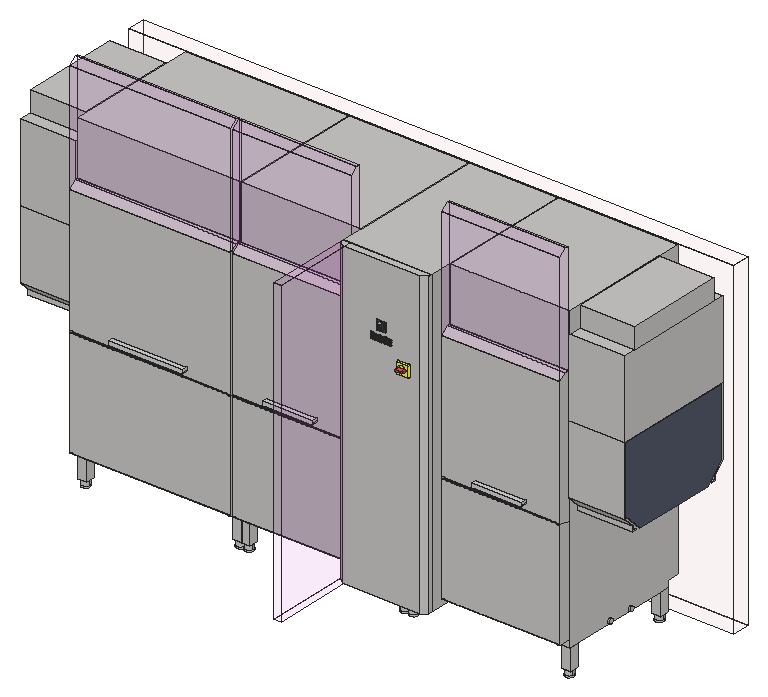
Revit family "QF_ELECTROLUXPROFESSIONAL_535143_EMRA060L", category Attrezzature speciali, Revit 2020
Family settings
  Quota connettore circolare = Usa diametro
  Tipo di parte = Normale
  Basato su piano di lavoro = No
  Sempre verticale = Sì
  Taglio con vuoti quando caricato = No
  Condiviso = No
  Punto di calcolo locali = No
Parameters (values of type "Standard")
  Weight = 569.00 kg
  Watts = 59800 W
  Volts = 380 V
  URL Manufacturer = "https://www.electroluxprofessional.com/"
  URL = "https://www.electroluxprofessional.com/"
  Steam Supply Size = 0 mm
  Steam Supply Minimum Pressure = 0.0 Pa
  Steam Supply Maximum Pressure = 0.0 Pa
  Steam Consumption per Hour = 0
  Show Logo [instance] = yes
  Show Clearance [instance] = yes
  Refrigeration Suction Line Size = 0 mm
  Refrigeration Liquid Line Size = 0 mm
  Refrigerant Compressor Remote = yes
  Prospetto di default = 0 mm
  Produttore = "Electrolux Professional"
  Phase = 3
  Modello = "EMRA060L"
  Length Actual = 3270 mm  # constant formula
  Item Number = "535143"
  Hot Water Size = 19.05 mm
  Height Actual = 1785 mm  # constant formula
  HP = "80.2 HP"
  Gas Size = 0 mm
  Gas KW = 0
  Gas Input Pressure = 0 W
  Direct Waste Size = 50 mm
  Descrizione = "MULTI RINSE RACK TYPE, DIN, A0 60, L>R"
  Depth Actual = 895 mm  # constant formula
  Cycle = 50 Hz
  Condensate Return Size = 0 mm
  Compressed Air Volume = 0.0 L/s
  Compressed Air Size = 0 mm
  Compressed Air Pressure = 0.0 Pa
  Cold Water Size = 19.05 mm
  Accessory = yes
Reference planes
  plane 1 "Center (Front/Back)": y = 50
  plane 2: z = 0
  plane 3 "LEFT": x = -776
  plane 4 "RIGHT": x = 2494
  plane 5 "BACK": y = 450
  plane 6: z = 2095
  plane 7: z = 1785
  plane 8: y = -220
  plane 9: x = 859
  plane 10: y = -277.999
  plane 11: through (1209, 430.532, 4000) normal (0.7071, 0.7071, 0)
  plane 12: through (1229, 430.532, 4000) normal (0.7071, -0.7071, 0)
  plane 13: through (1399, 430.532, 4000) normal (0.7071, -0.7071, 0)
  plane 14: through (1379, 430.532, 4000) normal (0.7071, 0.7071, 0)
  plane 15: through (1294, -302, 4000) normal (0.7071, 0.7071, 0)
  plane 16: through (1314, -302, 4000) normal (0.7071, -0.7071, 0)
  plane 17: through (0, 318, 353) normal (0, 0.7071, -0.7071)
  plane 18: through (0, 318, 373) normal (0, -0.7071, -0.7071)
  plane 19: x = 859
Forms (mm)
  Extrusion 1, solid, material "QF_Finishes_Clearance", visible <- "Show Clearance"
    sketch origin (0, 0, 0) x (1, 0, 0) y (0, 1, 0)
      loop
        line (-776, 450) -> (2494, 450) -> (2494, 550) -> (-776, 550) -> (-776, 450)
    from 0 to 1785
  Extrusion 2, solid, material "QF_Finishes_Stainless Steel"
    sketch origin (801.404, 247.509, 148) x (0, -1, 0) y (1, 0, 0)
      loop
        line (-163.023, 407.596) -> (-163.023, 427.596) -> (-183.023, 427.596) -> (-183.023, 407.596) -> (-163.023, 407.596)
    from 0 to 2
  Extrusion 3, solid, material "QF_Finishes_Stainless Steel"
    sketch origin (1806.596, 247.509, 148) x (0, 1, 0) y (-1, 0, 0)
      loop
        line (163.023, 407.596) -> (183.023, 407.596) -> (183.023, 427.596) -> (163.023, 427.596) -> (163.023, 407.596)
    from 0 to 2
  Extrusion 4, solid, material "QF_Finishes_Stainless Steel"
    sketch origin (886.404, -485.023, 148) x (0, -1, 0) y (1, 0, 0)
      loop
        line (-163.023, 407.596) -> (-163.023, 427.596) -> (-183.023, 427.596) -> (-183.023, 407.596) -> (-163.023, 407.596)
    from 0 to 2
  Extrusion 5, solid, material "QF_Finishes_Stainless Steel"
    sketch origin (-478, 249.977, 990.404) x (0, 0, 1) y (0, -1, 0)
      loop
        line (407.596, -163.023) -> (407.596, -183.023) -> (427.596, -183.023) -> (427.596, -163.023) -> (407.596, -163.023)
    from 0 to 2
  Extrusion 6, solid, material "QF_Finishes_Stainless Steel"
    sketch origin (-478, 249.977, 940.404) x (0, 0, 1) y (0, -1, 0)
      loop
        line (407.596, -163.023) -> (407.596, -183.023) -> (427.596, -183.023) -> (427.596, -163.023) -> (407.596, -163.023)
    from 0 to 2
  Extrusion 7, solid, material "QF_Finishes_Stainless Steel"
    sketch origin (2186, 249.977, 990.404) x (0, 0, 1) y (0, 1, 0)
      loop
        line (407.596, 163.023) -> (427.596, 163.023) -> (427.596, 183.023) -> (407.596, 183.023) -> (407.596, 163.023)
    from 0 to 2
  Extrusion 8, solid, material "QF_Finishes_Stainless Steel"
    sketch origin (2186, 249.977, 940.404) x (0, 0, 1) y (0, 1, 0)
      loop
        line (407.596, 163.023) -> (427.596, 163.023) -> (427.596, 183.023) -> (407.596, 183.023) -> (407.596, 163.023)
    from 0 to 2
  Extrusion 9, solid, material "QF_Finishes_Stainless Steel"
    sketch origin (2191, 154.977, -54.596) x (0, 0, 1) y (0, 1, 0)
      loop
        line (407.596, 163.023) -> (427.596, 163.023) -> (427.596, 183.023) -> (407.596, 183.023) -> (407.596, 163.023)
    from 0 to 2
  Extrusion 10, solid, material "QF_Finishes_Stainless Steel"
    sketch origin (-478, 154.977, -54.596) x (0, 0, 1) y (0, -1, 0)
      loop
        line (407.596, -163.023) -> (407.596, -183.023) -> (427.596, -183.023) -> (427.596, -163.023) -> (407.596, -163.023)
    from 0 to 2
  Extrusion 11, solid, material "QF_Finishes_Stainless Steel"
    sketch origin (2199.617, 892.464, 1271.423) x (0, 0, -1) y (0, -1, 0)
      loop
        circle (1102.159, 772.464) r 10
    from -9.383 to 5.617
  Extrusion 12, solid, material "QF_Finishes_Stainless Steel"
    sketch origin (2199.617, 752.464, 1271.423) x (0, 0, -1) y (0, -1, 0)
      loop
        circle (1102.159, 772.464) r 10
    from -9.383 to 5.617
  Extrusion 13, solid, material "QF_Finishes_Stainless Steel"
    sketch origin (-476.617, 752.464, 1289.423) x (0, 0, -1) y (0, 1, 0)
      loop
        circle (1102.159, -772.464) r 25
    from -9.383 to 5.617
  Extrusion 14, solid, material "QF_Finishes_Stainless Steel"
    sketch origin (2317.023, 452, -177.096) x (0, 0, 1) y (-1, 0, 0)
      loop
        line (407.596, 163.023) -> (427.596, 163.023) -> (427.596, 183.023) -> (407.596, 183.023) -> (407.596, 163.023)
    from 0 to 2
  Extrusion 15, solid, material "QF_Finishes_Door Clearance", visible <- "Show Clearance"
    sketch origin (1869, 66.742, 602) x (0, 1, 0) y (0, 0, 1)
      loop
        line (-351.742, 1493) -> (-368.817, 1493) -> (-408.742, 1463.413) -> (-408.742, 861.413) -> (-368.817, 891) -> (-351.742, 891) -> (-351.742, 1493)
    from -320 to 320
  Extrusion 16, solid, material "QF_Finishes_Door Clearance", visible <- "Show Clearance"
    sketch origin (739.648, 66.742, 602) x (0, 1, 0) y (0, 0, 1)
      loop
        line (-351.742, 1493) -> (-368.817, 1493) -> (-408.742, 1463.413) -> (-408.742, 861.413) -> (-368.817, 891) -> (-351.742, 891) -> (-351.742, 1493)
    from -320 to 320
  Extrusion 17, solid, material "QF_Finishes_Door Clearance", visible <- "Show Clearance"
    sketch origin (1141.211, 799.242, 0) x (1, 0, 0) y (0, 1, 0)
      loop
        line (-76.563, -1201.332) -> (-76.563, -1674.242) -> (-34.063, -1674.242) -> (-34.063, -1201.332) -> (-76.563, -1201.332)
    from 150 to 1785
  Extrusion 18, solid, material "QF_Finishes_Door Clearance", visible <- "Show Clearance"
    sketch origin (-146, 66.742, 602) x (0, 1, 0) y (0, 0, 1)
      loop
        line (-351.742, 1493) -> (-368.817, 1493) -> (-408.742, 1463.413) -> (-408.742, 861.413) -> (-368.817, 891) -> (-351.742, 891) -> (-351.742, 1493)
    from -320 to 555
Dimensions and locks
  plane 3 "LEFT" to plane 4 "RIGHT" = 3270 mm
  plane 6 to level = 2095 mm
  plane 7 to level = 1785 mm
  nested 1 to level = 2095 mm
  nested 2 to plane 10 = 167 mm
  nested 4 to nested 5 = 0 mm
  nested 7 to nested 4 = 796 mm
  nested 6 to nested 5 = 984 mm
  nested 1 to Extrusion 1 = 1190 mm
  Extrusion 1 to nested 3 = 300 mm
  nested 2 to nested 3 = 894.999 mm
  plane 3 "LEFT" to plane 9 to plane 4 "RIGHT" = 1635 mm, 1635 mm
  plane 19 to plane 3 "LEFT" = 1635 mm
  aligned and locked: level to plane 2
Nested families
  nested 1: "MODULO_GRANDE - 650" at (799.563, 61.742, 0), type "MODULO_GRANDE - 650"
    with Show Logo yes, Show Clearance yes
  nested 2: "MODULO_CENTRALE - 480" at (1140.563, 799.242, 0), type "MODULO_CENTRALE - 480"
    with Show Right yes, Show Logo yes, Show Left no, Show Clearance yes
  nested 3: "MODULO_GRANDE - 650" at (1929.563, 61.742, 0), type "MODULO_GRANDE - 650"
    with Show Logo yes, Show Clearance yes
  nested 4: "Piedino_Square_150H" at (437.5, -254.499, 0), type "Piedino_Square_150H"
  nested 5: "Piedino_Square_150H" at (390.5, -254.499, 0), type "Piedino_Square_150H"
  nested 6: "Piedino_Square_150H" at (1327.5, -254.499, 0), type "Piedino_Square_150H"
  nested 7: "Piedino_Square_150H" at (1280.5, -254.499, 0), type "Piedino_Square_150H"
  nested 8: "Piedino_Square_150H" at (437.5, 354.5, 0), type "Piedino_Square_150H"
  nested 9: "Piedino_Square_150H" at (390.5, 354.5, 0), type "Piedino_Square_150H"
  nested 10: "Piedino_Square_150H" at (1327.5, 354.5, 0), type "Piedino_Square_150H"
  nested 11: "Piedino_Square_150H" at (1280.5, 354.5, 0), type "Piedino_Square_150H"
  nested 12: "HOODV_300" at (2577.563, 61.742, -112), type "HOODV_300"
  nested 13: "HOODV_300" at (-859.563, 61.742, -112) x (-1, 0, 0) z (0, 0, 1), type "HOODV_300"
  nested 14: "Piedino_Square_150H" at (-447.5, -254.499, 0), type "Piedino_Square_150H"
  nested 15: "Piedino_Square_150H" at (2170.5, -254.499, 0), type "Piedino_Square_150H"
  nested 16: "Piedino_Square_150H" at (-447.5, 354.5, 0), type "Piedino_Square_150H"
  nested 17: "Piedino_Square_150H" at (2170.5, 354.5, 0), type "Piedino_Square_150H"
  nested 18: "MODULO_GRANDE" at (-85.437, 61.742, 0), type "MODULO_GRANDE"
    with Show Logo yes, Show Clearance yes
  nested 19: "ELX_LOGO_WORDS_MEDIUM" at (1304, -444.999, 1409.339) x (1, 0, 0) z (0, -1, 0), Show Logo <- "Show Logo", visible <- "Show Logo", type "ELX_LOGO_WORDS_MEDIUM"
    with Show Logo yes
  nested 20: "ELXP_LOGO_ONLY_MEDIUM" at (1304, -444.999, 1469.649) x (1, 0, 0) z (0, -1, 0), Show Logo <- "Show Logo", visible <- "Show Logo", type "ELXP_LOGO_ONLY_MEDIUM"
    with Show Logo yes
Connectors
  electrical at (1219, 420.532, 148)
    settings: on Extrusion 2, index 128, voltage 0 V, apparent load 0 VA, apparent load phase1 0 VA, apparent load phase2 0 VA, apparent load phase3 0 VA, power factor 1, load classification "Altro", number of poles 1, system type 30, power factor state 1, is connector primary yes, connector utility no, sub classification motor no, connector description "EI"
  electrical at (1389, 420.532, 148)
    settings: on Extrusion 3, index 142, voltage 0 V, apparent load 0 VA, apparent load phase1 0 VA, apparent load phase2 0 VA, apparent load phase3 0 VA, power factor 1, load classification "Altro", number of poles 1, system type 30, power factor state 1, is connector primary no, connector utility no, sub classification motor no, connector description "EI"
  electrical at (1304, -312, 148)
    settings: on Extrusion 4, index 143, voltage 0 V, apparent load 0 VA, apparent load phase1 0 VA, apparent load phase2 0 VA, apparent load phase3 0 VA, power factor 1, load classification "Altro", number of poles 1, system type 30, power factor state 1, is connector primary no, connector utility no, sub classification motor no, connector description "EI"
  electrical at (-478, 423, 1408)
    settings: on Extrusion 5, index 147, voltage 0 V, apparent load 0 VA, apparent load phase1 0 VA, apparent load phase2 0 VA, apparent load phase3 0 VA, power factor 1, load classification "Altro", number of poles 1, system type 30, power factor state 1, is connector primary no, connector utility no, sub classification motor no, connector description "EO"
  electrical at (-478, 423, 1358)
    settings: on Extrusion 6, index 148, voltage 0 V, apparent load 0 VA, apparent load phase1 0 VA, apparent load phase2 0 VA, apparent load phase3 0 VA, power factor 1, load classification "Altro", number of poles 1, system type 30, power factor state 1, is connector primary no, connector utility no, sub classification motor no, connector description "ES"
  electrical at (2186, 423, 1408)
    settings: on Extrusion 7, index 149, voltage 0 V, apparent load 0 VA, apparent load phase1 0 VA, apparent load phase2 0 VA, apparent load phase3 0 VA, power factor 1, load classification "Altro", number of poles 1, system type 30, power factor state 1, is connector primary no, connector utility no, sub classification motor no, connector description "EO"
  electrical at (2186, 423, 1358)
    settings: on Extrusion 8, index 150, voltage 0 V, apparent load 0 VA, apparent load phase1 0 VA, apparent load phase2 0 VA, apparent load phase3 0 VA, power factor 1, load classification "Altro", number of poles 1, system type 30, power factor state 1, is connector primary no, connector utility no, sub classification motor no, connector description "ES"
  electrical at (2191, 328, 363)
    settings: on Extrusion 9, index 151, voltage 0 V, apparent load 0 VA, apparent load phase1 0 VA, apparent load phase2 0 VA, apparent load phase3 0 VA, power factor 1, load classification "Altro", number of poles 1, system type 30, power factor state 1, is connector primary no, connector utility no, sub classification motor no, connector description "ES"
  electrical at (-478, 328, 363)
    settings: on Extrusion 10, index 156, voltage 0 V, apparent load 0 VA, apparent load phase1 0 VA, apparent load phase2 0 VA, apparent load phase3 0 VA, power factor 1, load classification "Altro", number of poles 1, system type 30, power factor state 1, is connector primary no, connector utility no, sub classification motor no, connector description "ES"
  piping at (2209, 120, 169.264), diameter 12.9
    settings: on Extrusion 11, index 157, connector inside diameter 609.6 mm, connector length 0 mm, flow factor 0, pipe flow 0.0 L/s, pressure drop 0.0 Pa, fitting loss kfactor 0, connector angle 0.00°, fixture units 0, engagement length 0 mm, angle of deflection 0.00°, flow configuration 0, flow direction 0, fitting loss method 0, system type 29, joint type 0, gender type 0, connector reference index -1, connector utility 0, adjustable connector no, is connector primary yes, connector description ""
  piping at (2209, -20, 169.264), diameter 12.9
    settings: on Extrusion 12, index 158, connector inside diameter 609.6 mm, connector length 0 mm, flow factor 0, pipe flow 0.0 L/s, pressure drop 0.0 Pa, fitting loss kfactor 0, connector angle 0.00°, fixture units 0, engagement length 0 mm, angle of deflection 0.00°, flow configuration 0, flow direction 0, fitting loss method 0, system type 29, joint type 0, gender type 0, connector reference index -1, connector utility 0, adjustable connector no, is connector primary no, connector description ""
  piping at (-486, -20, 187.264), diameter 50
    settings: on Extrusion 13, index 159, connector inside diameter 609.6 mm, connector length 0 mm, flow factor 0, pipe flow 0.0 L/s, pressure drop 0.0 Pa, fitting loss kfactor 0, connector angle 0.00°, fixture units 0, engagement length 0 mm, angle of deflection 0.00°, flow configuration 0, flow direction 0, fitting loss method 0, system type 29, joint type 0, gender type 0, connector reference index -1, connector utility 0, adjustable connector no, is connector primary no, connector description "D"
  electrical at (2144, 452, 240.5)
    settings: on Extrusion 14, index 160, voltage 0 V, apparent load 0 VA, apparent load phase1 0 VA, apparent load phase2 0 VA, apparent load phase3 0 VA, power factor 1, load classification "Altro", number of poles 1, system type 30, power factor state 1, is connector primary no, connector utility no, sub classification motor no, connector description "EQ"
Definition of nested family "MODULO_GRANDE - 650"
  Parameters (values of type "MODULO_GRANDE - 650")
    URL = "http://professional.electrolux.com"
    Show Logo [instance] = yes
    Default Elevation = 0 mm
    Manufacturer = "Electrolux"
    Model = "ESR10E5"
    Length Actual = 0 mm
    Show Clearance [instance] = yes
    Height Actual = 0 mm
    Description = "SINGLE RINSE RT, 100R/H, ELECTRIC 50HZ"
    Depth Actual = 0 mm
  Reference planes
    plane 1: z = 0
    plane 2 "LEFT": x = -385.563
    plane 3 "RIGHT": x = 264.437
    plane 4 "BACK": y = 388.258
    plane 5 "FEET": z = 150
    plane 6: z = 2095
    plane 7 "TOP": z = 1785
  Forms (mm)
    Extrusion 1, solid
      sketch origin (-727.563, 442.565, 4000) x (0, 1, 0) y (0, 0, 1)
        loop
          line (-54.307, -2507) -> (-786.307, -2507) -> (-786.307, -3850) -> (-126.307, -3850) -> (-126.307, -3812) -> (-54.307, -3812) -> (-54.307, -2507)
      from 992 to 342
    Extrusion 2, solid
      sketch origin (105, 0, 0) x (1, 0, 0) y (0, 1, 0)
        loop
          line (-490.563, 388.258) -> (-490.563, -343.742) -> (159.437, -343.742) -> (159.437, 388.258) -> (-490.563, 388.258)
      from 1493 to 1785
  Dimensions and locks
    plane 2 "LEFT" to plane 3 "RIGHT" = 650 mm
    plane 5 "FEET" to level = 150 mm
    plane 5 "FEET" to plane 7 "TOP" = 1635 mm
    plane 3 "RIGHT" to plane 2 "LEFT" = 650 mm
    plane 4 "BACK" to Extrusion 2 = 732 mm
    aligned and locked: level to plane 1
  Nested families
    nested 1: "Door_650_DISHWASHING" at (-452, 5, 0), type "Door_650_DISHWASHING"
      with Show Clearance yes
  Definition of nested family "Door_650_DISHWASHING"
    Parameters (values of type "Door_650_DISHWASHING")
      Show Clearance [instance] = yes
      Default Elevation = 0 mm
    Reference planes
      plane 1: z = 0
      plane 2 "Center Y": x = 391.437
      plane 3 "LEFT": x = 71.437
      plane 4 "RIGHT": x = 711.437
      plane 5 "FRONT": y = -408.742
      plane 6: z = 150
      plane 7: y = -348.742
    Forms (mm)
      Extrusion 1, solid
        sketch origin (766.937, -408.742, 1493) x (0, 0, -1) y (1, 0, 0)
          loop
            line (686, -505.5) -> (686, -245.5)
            arc (686, -245.5) -> (684.536, -241.964) -> (681, -240.5) r 5
            line (681, -240.5) -> (666, -240.5) -> (666, -510.5) -> (681, -510.5)
            arc (681, -510.5) -> (684.536, -509.036) -> (686, -505.5) r 5
        from 0 to 30
      Extrusion 2, solid
        sketch origin (391.437, 0, 0) x (0, 1, 0) y (0, 0, 1)
          loop
            line (-348.742, 188) -> (-348.742, 758.131) -> (-405.595, 774.035)
            arc (-405.595, 774.035) -> (-407.764, 773.603) -> (-408.742, 771.62) r 2.5
            line (-408.742, 771.62) -> (-408.742, 190.5)
            arc (-408.742, 190.5) -> (-408.01, 188.732) -> (-406.242, 188) r 2.5
            line (-406.242, 188) -> (-348.742, 188)
        from -320 to 320
      Extrusion 3, solid
        sketch origin (391.437, 0, 0) x (0, 1, 0) y (0, 0, 1)
          loop
            line (-351.742, 1493) -> (-368.817, 1493) -> (-408.742, 1463.413) -> (-408.742, 778.225)
            arc (-408.742, 778.225) -> (-408.225, 776.703) -> (-406.889, 775.81) r 2.5
            line (-406.889, 775.81) -> (-354.889, 761.206)
            arc (-354.889, 761.206) -> (-352.72, 761.638) -> (-351.742, 763.621) r 2.5
            line (-351.742, 763.621) -> (-351.742, 1493)
        from -320 to 320
    Lines and regions (mm)
      symbolic lines
        curve 1: line (76.437, -408.742, 1785) -> (76.437, -348.742, 1785)
        curve 2: line (706.437, -408.742, 1785) -> (76.437, -408.742, 1785)
        curve 3: line (706.437, -348.742, 1785) -> (706.437, -408.742, 1785)
        curve 4: line (191.437, -438.742, 1785) -> (191.437, -408.742, 1785)
        curve 5: line (591.437, -438.742, 1785) -> (191.437, -438.742, 1785)
        curve 6: line (591.437, -408.742, 1785) -> (591.437, -438.742, 1785)
    Dimensions and locks
      plane 3 "LEFT" to plane 4 "RIGHT" = 640 mm
      plane 6 to level = 150 mm
      equal spacing: plane 3 "LEFT", plane 2 "Center Y", plane 4 "RIGHT"
      plane 4 "RIGHT" to plane 3 "LEFT" = 640 mm
      aligned and locked: level to plane 1
    Automatic sketch dimensions
      Extrusion 2 sketch curve to plane 5 "FRONT" = 0 mm
      Extrusion 2 sketch curve to plane 7 = 0 mm
      plane 5 "FRONT" to Extrusion 2 sketch curve = 2.5 mm
      Extrusion 2 sketch curve to Extrusion 2 sketch curve = 2.5 mm
      Extrusion 2 sketch curve to Extrusion 2 sketch curve = 0.647 mm
      plane 6 to Extrusion 2 sketch curve = 38 mm
      Extrusion 2 sketch curve to Extrusion 2 sketch curve = 570.131 mm
      Extrusion 2 sketch curve to Extrusion 2 sketch curve = 13.489 mm
      Extrusion 3 sketch curve to plane 5 "FRONT" = 0 mm
      plane 5 "FRONT" to Extrusion 3 sketch curve = 1.853 mm
      Extrusion 3 sketch curve to Extrusion 3 sketch curve = 0.647 mm  (x2)
      Extrusion 3 sketch curve to plane 7 = 20.076 mm
      Extrusion 3 sketch curve to plane 7 = 6.147 mm
      Extrusion 3 sketch curve to plane 7 = 3 mm
      plane 6 to Extrusion 3 sketch curve = 611.206 mm
      Extrusion 3 sketch curve to Extrusion 3 sketch curve = 14.603 mm
      Extrusion 3 sketch curve to Extrusion 3 sketch curve = 685.188 mm
      Extrusion 3 sketch curve to Extrusion 3 sketch curve = 29.587 mm
      curve 1 to plane 7 = 0 mm
      curve 3 to plane 7 = 0 mm
      curve 2 to plane 5 "FRONT" = 0 mm
      curve 5 to plane 5 "FRONT" = 30 mm
      plane 3 "LEFT" to curve 2 = 5 mm
      curve 5 to plane 2 "Center Y" = 200 mm
      plane 2 "Center Y" to curve 5 = 200 mm
      curve 2 to plane 4 "RIGHT" = 5 mm
      Extrusion 1 sketch curve to plane 2 "Center Y" = 135 mm
      plane 6 to Extrusion 1 sketch curve = 677 mm
      Extrusion 1 sketch curve to Extrusion 1 sketch curve = 15 mm
      Extrusion 1 sketch curve to Extrusion 1 sketch curve = 5 mm  (x2)
      plane 2 "Center Y" to Extrusion 1 sketch curve = 130 mm
Definition of nested family "MODULO_CENTRALE - 480"
  Parameters (values of type "MODULO_CENTRALE - 480")
    Show Right [instance] = not(Show Left)  # yes
    Show Logo [instance] = yes
    Show Left [instance] = no
    Show Clearance [instance] = yes
    Default Elevation = 0 mm
  Reference planes
    plane 1: z = 0
    plane 2 "LEFT": x = -76.563
    plane 3 "BACK": y = -349.242
    plane 4: z = 150
    plane 5: x = 403.437
    plane 6: y = -1244.241
    plane 7: x = 163.438
    plane 8: y = -1674.242
  Forms (mm)
    Extrusion 1, solid
      sketch origin (-163.616, -620, 0) x (1, 0, 0) y (0, 1, 0)
        loop
          line (87.054, 270.758) -> (87.054, -581.332) -> (567.054, -581.332) -> (567.054, 270.758) -> (87.054, 270.758)
      from 150 to 1785
    Extrusion 2, solid
      sketch origin (0, -740.199, 0) x (1, 0, 0) y (0, 1, 0)
        loop
          line (371.13, -504.042) -> (371.973, -503.729) -> (402.789, -480.925) -> (403.437, -479.639) -> (403.437, -461.133) -> (-76.563, -461.133) -> (-76.563, -479.639) -> (-75.915, -480.925) -> (-45.099, -503.729) -> (-44.256, -504.042) -> (371.13, -504.042)
      from 150 to 1785
  Dimensions and locks
    plane 4 to level = 150 mm
    Extrusion 1 to Extrusion 1 = 1635 mm
    plane 5 to plane 2 "LEFT" = 480 mm
    plane 3 "BACK" to plane 8 = 1325 mm
    aligned and locked: level to plane 1
  Nested families
    nested 1: "ON_OFF_GIALLO" at (282.917, -1244.241, 1304.8) x (-1, 0, 0) z (0, -1, 0), visible <- "Show Right", type "ON_OFF_GIALLO"
  Definition of nested family "ON_OFF_GIALLO"
    Parameters
      Default Elevation = 1219.2 mm
    Reference planes
      plane 1 "Centro (Fronte/Retro)": y = 0
      plane 2: z = 0
      plane 3 "Centro (Sinistra/Destra)": x = 0
    Forms (mm)
      Extrusion 1, solid
        sketch origin (0, 0, 0) x (1, 0, 0) y (0, 1, 0)
          loop
            line (-1219.2, 1219.2) -> (-1219.2, -1219.2) -> (1219.2, -1219.2) -> (1219.2, 1219.2) -> (-1219.2, 1219.2)
        from 0 to -304.8
      Blend 2, solid
        base sketch origin (209.903, -1304.8, -0.8) x (-1, 0, 0) y (0, -1, 0)
          loop
            arc (241.024, -1337.8) -> (242.365, -1337.262) -> (242.903, -1335.921) r 1.838
            line (242.903, -1335.921) -> (242.903, -1273.679)
            arc (242.903, -1273.679) -> (242.365, -1272.338) -> (241.024, -1271.8) r 1.838
            line (241.024, -1271.8) -> (178.782, -1271.8)
            arc (178.782, -1271.8) -> (177.441, -1272.338) -> (176.903, -1273.679) r 1.838
            line (176.903, -1273.679) -> (176.903, -1335.921)
            arc (176.903, -1335.921) -> (177.441, -1337.262) -> (178.782, -1337.8) r 1.838
            line (178.782, -1337.8) -> (241.024, -1337.8)
        top sketch origin (209.903, -1304.8, -0.8) x (-1, 0, 0) y (0, -1, 0)
          loop
            line (238.946, -1275.8) -> (180.86, -1275.8) -> (180.86, -1333.8) -> (238.946, -1333.8) -> (238.946, -1275.8)
        from 0.8 to 10.3
      Blend 3, solid
        base sketch origin (209.903, -1304.8, 10.2) x (-1, 0, 0) y (0, -1, 0)
          loop
            arc (224.427, -1310.95) -> (230.577, -1304.8) -> (224.427, -1298.65) r 6.15
            line (224.427, -1298.65) -> (195.379, -1298.65)
            arc (195.379, -1298.65) -> (189.229, -1304.8) -> (195.379, -1310.95) r 6.15
            line (195.379, -1310.95) -> (224.427, -1310.95)
        top sketch origin (209.903, -1304.8, 10.2) x (-1, 0, 0) y (0, -1, 0)
          loop
            arc (195.379, -1300.65) -> (191.229, -1304.8) -> (195.379, -1308.95) r 4.15
            line (195.379, -1308.95) -> (224.427, -1308.95)
            arc (224.427, -1308.95) -> (228.577, -1304.8) -> (224.427, -1300.65) r 4.15
            line (224.427, -1300.65) -> (195.379, -1300.65)
        from -2 to 23
      Extrusion 4, void
        sketch origin (-143.534, -1304.8, -504.042) x (1, 0, 0) y (0, 0, -1)
          loop
            line (117.69, -537.242) -> (135.678, -537.242) -> (132.541, -536.135) -> (117.69, -524.167) -> (117.69, -537.242)
        from 1298.65 to 1310.95
      Extrusion 5, void
        sketch origin (209.903, -1304.8, 9.5) x (0, -1, 0) y (-1, 0, 0)
          loop
            circle (-1304.8, 209.903) r 21
        from 0 to 2
    Cuts and joins
      Extrusion 4 cuts Blend 3
      Extrusion 5 cuts Blend 2
    Dimensions and locks
      aligned and locked: plane 2 to Extrusion 1
      aligned and locked: level to Extrusion 1
Definition of nested family "Piedino_Square_150H"
  Parameters (values of type "Piedino_Square_150H")
    Default Elevation = 0 mm
  Reference planes
    plane 1 "Centro (Fronte/Retro)": y = 0
    plane 2: z = 0
    plane 3 "Centro (Sinistra/Destra)": x = 0
    plane 4: z = 150
  Forms (mm)
    Extrusion 1, solid
      sketch origin (0, 0, 0) x (1, 0, 0) y (0, 1, 0)
        loop
          circle (0, 0) r 23
      from 0 to 5
    Extrusion 2, solid
      sketch origin (0, 0, 5) x (1, 0, 0) y (0, 1, 0)
        loop
          circle (0, 0) r 20
      from 0 to 29.114
    Extrusion 3, solid
      sketch origin (0, 0, 34.114) x (1, 0, 0) y (0, 1, 0)
        loop
          line (-23.5, 23.5) -> (-23.5, -23.5) -> (23.5, -23.5) -> (23.5, 23.5) -> (-23.5, 23.5)
      from 0 to 115.886
  Dimensions and locks
    plane 4 to level = 150 mm
    radius of Extrusion 1 sketch curve = 23 mm
    aligned and locked: level to plane 2
    aligned and locked: Extrusion 1 to level
Definition of nested family "HOODV_300"
  Parameters (values of type "HOODV_300")
    URL = "http://professional.electrolux.com"
    Default Elevation = 0 mm
    Manufacturer = "Electrolux"
    Model = "ESR10E5"
    Description = "SINGLE RINSE RT, 100R/H, ELECTRIC 50HZ"
  Reference planes
    plane 1 "Center X": y = -16.742
    plane 2: z = 0
    plane 3 "LEFT": x = -383.563
    plane 4 "RIGHT": x = -83.563
    plane 5 "BACK": y = 388.258
    plane 6: z = 900
    plane 7 "TOP": z = 1785
    plane 8 "FRONT": y = -408.742
    plane 9: y = -348.742
    plane 10: z = 1365
  Forms (mm)
    Extrusion 1, solid
      sketch origin (293.437, 0, 235) x (0, 1, 0) y (0, 0, 1)
        loop
          line (316.258, 1550) -> (-348.742, 1550) -> (-348.742, 1130) -> (316.258, 1130) -> (316.258, 1550)
      from -677 to -377
    Extrusion 2, solid
      sketch origin (-83.563, 415.936, 4000) x (0, 1, 0) y (0, 0, 1)
        loop
          line (-764.678, -2635) -> (-764.678, -3010) -> (-711.645, -3063.033) -> (-711.645, -3088.033) -> (-691.645, -3088.033) -> (-691.645, -3084.033) -> (-707.645, -3084.033) -> (-707.645, -3061.376) -> (-760.678, -3008.343) -> (-760.678, -2639) -> (-103.678, -2639) -> (-103.678, -3008.343) -> (-156.711, -3061.376) -> (-156.711, -3084.033) -> (-172.711, -3084.033) -> (-172.711, -3088.033) -> (-152.711, -3088.033) -> (-152.711, -3063.033) -> (-99.678, -3010) -> (-99.678, -2635) -> (-764.678, -2635)
      from -300 to 0
    Extrusion 3, solid
      sketch origin (-83.563, 479.936, 4000) x (0, 1, 0) y (0, 0, 1)
        loop
          line (-265.178, -3095) -> (-169.327, -2999.149) -> (-169.327, -2639) -> (-819.029, -2639) -> (-819.029, -2999.149) -> (-723.178, -3095) -> (-522.318, -3095) -> (-265.178, -3095)
      from 0 to -2
    Extrusion 4, solid
      sketch origin (0, 0, 1785) x (1, 0, 0) y (0, 1, 0)
        loop
          line (-383.563, 257.258) -> (-383.563, -279.742) -> (-83.563, -279.742) -> (-83.563, 257.258) -> (-383.563, 257.258)
      from 0 to 112
  Lines and regions (mm)
    symbolic lines
      curve 1: line (-383.563, 316.258, 0) -> (-83.563, 316.258, 0)
      curve 2: line (-383.563, -348.742, 0) -> (-383.563, 316.258, 0)
      curve 3: line (-83.563, -348.742, 0) -> (-383.563, -348.742, 0)
      curve 4: line (-83.563, 316.258, 0) -> (-83.563, -348.742, 0)
      curve 5: line (-383.563, 257.258, 0) -> (-83.563, 257.258, 0)
      curve 6: line (-83.563, -279.742, 0) -> (-383.563, -279.742, 0)
  Dimensions and locks
    plane 3 "LEFT" to plane 4 "RIGHT" = 300 mm
    plane 5 "BACK" to plane 1 "Center X" to plane 8 "FRONT" = 405 mm, 392 mm
    plane 6 to level = 900 mm
    plane 6 to plane 7 "TOP" = 885 mm
    plane 5 "BACK" to plane 8 "FRONT" = 797 mm  (x2)
    plane 4 "RIGHT" to plane 3 "LEFT" = 300 mm
    plane 7 "TOP" to plane 10 = 420 mm
    plane 8 "FRONT" to plane 9 = 60 mm
    aligned and locked: level to plane 2
Definition of nested family "MODULO_GRANDE"
  Parameters (values of type "MODULO_GRANDE")
    URL = "http://professional.electrolux.com"
    Show Logo [instance] = yes
    Default Elevation = 0 mm
    Manufacturer = "Electrolux"
    Model = "ESR10E5"
    Length Actual = 0 mm
    Show Clearance [instance] = yes
    Height Actual = 0 mm
    Description = "SINGLE RINSE RT, 100R/H, ELECTRIC 50HZ"
    Depth Actual = 0 mm
  Reference planes
    plane 1: z = 0
    plane 2 "LEFT": x = -385.563
    plane 3 "RIGHT": x = 499.437
    plane 4 "BACK": y = 388.258
    plane 5 "FEET": z = 150
    plane 6: z = 2095
    plane 7 "TOP": z = 1785
  Forms (mm)
    Extrusion 1, solid
      sketch origin (-727.563, 442.565, 4000) x (0, 1, 0) y (0, 0, 1)
        loop
          line (-54.307, -2507) -> (-786.307, -2507) -> (-786.307, -3850) -> (-126.307, -3850) -> (-126.307, -3812) -> (-54.307, -3812) -> (-54.307, -2507)
      from 1227 to 342
    Extrusion 2, solid
      sketch origin (105, 0, 0) x (1, 0, 0) y (0, 1, 0)
        loop
          line (-490.563, 388.258) -> (-490.563, -343.742) -> (394.437, -343.742) -> (394.437, 388.258) -> (-490.563, 388.258)
      from 1493 to 1785
  Dimensions and locks
    plane 2 "LEFT" to plane 3 "RIGHT" = 885 mm
    plane 5 "FEET" to level = 150 mm
    plane 5 "FEET" to plane 7 "TOP" = 1635 mm
    plane 3 "RIGHT" to plane 2 "LEFT" = 885 mm
    plane 4 "BACK" to Extrusion 2 = 732 mm
    aligned and locked: level to plane 1
  Nested families
    nested 1: "Door_30''_DISHWASHING" at (-457, 5, 0), Show Clearance <- "Show Clearance", type "Door_30''_DISHWASHING"
  Definition of nested family "Door_30''_DISHWASHING"
    Parameters (values of type "Door_30''_DISHWASHING")
      Show Clearance [instance] = yes
      Default Elevation = 0 mm
    Reference planes
      plane 1: z = 0
      plane 2 "Center Y": x = 513.937
      plane 3 "LEFT": x = 71.437
      plane 4 "RIGHT": x = 956.437
      plane 5 "FRONT": y = -408.742
      plane 6: z = 150
      plane 7: y = -348.742
    Forms (mm)
      Extrusion 1, solid
        sketch origin (884.437, -408.742, 1493) x (0, 0, -1) y (1, 0, 0)
          loop
            line (666, -570.5) -> (681, -570.5)
            arc (681, -570.5) -> (684.536, -569.036) -> (686, -565.5) r 5
            line (686, -565.5) -> (686, -175.5)
            arc (686, -175.5) -> (684.536, -171.964) -> (681, -170.5) r 5
            line (681, -170.5) -> (666, -170.5) -> (666, -570.5)
        from 0 to 30
      Extrusion 2, solid
        sketch origin (513.937, 0, 0) x (0, 1, 0) y (0, 0, 1)
          loop
            line (-348.742, 188) -> (-348.742, 758.131) -> (-405.595, 774.035)
            arc (-405.595, 774.035) -> (-407.764, 773.603) -> (-408.742, 771.62) r 2.5
            line (-408.742, 771.62) -> (-408.742, 190.5)
            arc (-408.742, 190.5) -> (-408.01, 188.732) -> (-406.242, 188) r 2.5
            line (-406.242, 188) -> (-348.742, 188)
        from -437.5 to 437.5
      Extrusion 3, solid
        sketch origin (513.937, 0, 0) x (0, 1, 0) y (0, 0, 1)
          loop
            line (-351.742, 1493) -> (-368.817, 1493) -> (-408.742, 1463.413) -> (-408.742, 778.225)
            arc (-408.742, 778.225) -> (-408.225, 776.703) -> (-406.889, 775.81) r 2.5
            line (-406.889, 775.81) -> (-354.889, 761.206)
            arc (-354.889, 761.206) -> (-352.72, 761.638) -> (-351.742, 763.621) r 2.5
            line (-351.742, 763.621) -> (-351.742, 1493)
        from -437.5 to 437.5
    Lines and regions (mm)
      symbolic lines
        curve 1: line (76.437, -408.742, 1785) -> (76.437, -348.742, 1785)
        curve 2: line (951.437, -408.742, 1785) -> (76.437, -408.742, 1785)
        curve 3: line (951.437, -348.742, 1785) -> (951.437, -408.742, 1785)
        curve 4: line (313.937, -438.742, 1785) -> (313.937, -408.742, 1785)
        curve 5: line (713.937, -438.742, 1785) -> (313.937, -438.742, 1785)
        curve 6: line (713.937, -408.742, 1785) -> (713.937, -438.742, 1785)
    Dimensions and locks
      plane 3 "LEFT" to plane 4 "RIGHT" = 885 mm
      plane 6 to level = 150 mm
      equal spacing: plane 3 "LEFT", plane 2 "Center Y", plane 4 "RIGHT"
      aligned and locked: level to plane 1
      aligned and locked: Extrusion 3 to Extrusion 2
    Automatic sketch dimensions
      Extrusion 1 sketch curve to plane 2 "Center Y" = 200 mm
      plane 6 to Extrusion 1 sketch curve = 677 mm
      Extrusion 1 sketch curve to Extrusion 1 sketch curve = 15 mm  (x2)
      Extrusion 1 sketch curve to Extrusion 1 sketch curve = 5 mm
      plane 2 "Center Y" to Extrusion 1 sketch curve = 195 mm
      Extrusion 2 sketch curve to plane 5 "FRONT" = 0 mm
      Extrusion 2 sketch curve to plane 7 = 0 mm
      plane 5 "FRONT" to Extrusion 2 sketch curve = 2.5 mm
      Extrusion 2 sketch curve to Extrusion 2 sketch curve = 2.5 mm
      Extrusion 2 sketch curve to Extrusion 2 sketch curve = 0.647 mm
      plane 6 to Extrusion 2 sketch curve = 38 mm
      Extrusion 2 sketch curve to Extrusion 2 sketch curve = 570.131 mm
      Extrusion 2 sketch curve to Extrusion 2 sketch curve = 13.489 mm
      Extrusion 3 sketch curve to plane 5 "FRONT" = 0 mm
      plane 5 "FRONT" to Extrusion 3 sketch curve = 1.853 mm
      Extrusion 3 sketch curve to Extrusion 3 sketch curve = 0.647 mm  (x2)
      Extrusion 3 sketch curve to plane 7 = 20.076 mm
      Extrusion 3 sketch curve to plane 7 = 6.147 mm
      Extrusion 3 sketch curve to plane 7 = 3 mm
      plane 6 to Extrusion 3 sketch curve = 611.206 mm
      Extrusion 3 sketch curve to Extrusion 3 sketch curve = 14.603 mm
      Extrusion 3 sketch curve to Extrusion 3 sketch curve = 685.188 mm
      Extrusion 3 sketch curve to Extrusion 3 sketch curve = 29.587 mm
      curve 1 to plane 7 = 0 mm
      curve 3 to plane 7 = 0 mm
      curve 2 to plane 5 "FRONT" = 0 mm
      curve 5 to plane 5 "FRONT" = 30 mm
      plane 3 "LEFT" to curve 2 = 5 mm
      curve 5 to plane 2 "Center Y" = 200 mm
      plane 2 "Center Y" to curve 5 = 200 mm
      curve 2 to plane 4 "RIGHT" = 5 mm
Definition of nested family "ELX_LOGO_WORDS_MEDIUM"
  Parameters (values of type "ELX_LOGO_WORDS_MEDIUM")
    Show Logo [instance] = yes
    Default Elevation = 0 mm
  Reference planes
    plane 1 "Centro (Fronte/Retro)": y = 0
    plane 2: z = 0
    plane 3 "Centro (Sinistra/Destra)": x = 0
  Forms (mm)
    Extrusion 1, solid
      sketch origin (0, 0, 0) x (1, 0, 0) y (0, 1, 0)
        loop
          line (-1219.2, 1219.2) -> (-1219.2, -1219.2) -> (1219.2, -1219.2) -> (1219.2, 1219.2) -> (-1219.2, 1219.2)
      from 0 to -304.8
    Extrusion 2, solid, visible <- "Show Logo"
      sketch origin (0, 0, 0) x (1, 0, 0) y (0, 1, 0)
        loop
          line (-45.351, 15.842) -> (-56.505, 15.842) -> (-56.505, 2.853)
          arc (-56.505, 2.853) -> (-55.037, -0.691) -> (-51.493, -2.159) r 5.012
          line (-51.493, -2.159) -> (-45.135, -2.159) -> (-45.135, 0.755) -> (-50.767, 0.755)
          arc (-50.767, 0.755) -> (-52.618, 1.38) -> (-53.406, 3.168) r 2.423
          line (-53.406, 3.168) -> (-53.406, 5.743) -> (-45.833, 5.743) -> (-45.833, 8.668) -> (-53.406, 8.668) -> (-53.406, 12.925) -> (-45.351, 12.925) -> (-45.351, 15.842)
        loop
          line (-42.933, 15.842) -> (-42.933, -2.159) -> (-39.832, -2.159) -> (-39.832, 15.842) -> (-42.933, 15.842)
        loop
          line (24.405, 15.842) -> (24.405, -2.159) -> (27.508, -2.159) -> (27.508, 15.842) -> (24.405, 15.842)
        loop
          line (-34.705, 3.589) -> (-24.531, 3.589)
          arc (-24.531, 3.589) -> (-26.123, 9.178) -> (-31.565, 11.217) r 6.447
          arc (-31.565, 11.217) -> (-36.358, 8.786) -> (-37.726, 3.589) r 6.56
          arc (-37.726, 3.589) -> (-35.926, -0.757) -> (-31.58, -2.557) r 6.146
          arc (-31.58, -2.557) -> (-28.198, -2.058) -> (-25.362, -0.149) r 7.726
          line (-25.362, -0.149) -> (-27.199, 1.688)
          arc (-27.199, 1.688) -> (-29.61, 0.242) -> (-32.411, 0.485) r 4.558
          arc (-32.411, 0.485) -> (-34.119, 1.622) -> (-34.705, 3.589) r 3.019
        loop
          line (-34.628, 5.769) -> (-27.646, 5.769)
          arc (-27.646, 5.769) -> (-28.626, 7.83) -> (-30.779, 8.59) r 2.974
          arc (-30.779, 8.59) -> (-33.263, 7.943) -> (-34.628, 5.769) r 3.481
        loop
          line (-12.445, 7.067) -> (-10.499, 9.013)
          arc (-10.499, 9.013) -> (-12.94, 10.78) -> (-15.907, 11.309) r 6.746
          arc (-15.907, 11.309) -> (-20.432, 9.655) -> (-22.806, 5.463) r 6.977
          arc (-22.806, 5.463) -> (-18.803, -1.885) -> (-10.608, -0.191) r 7.026
          line (-10.608, -0.191) -> (-12.544, 1.745)
          arc (-12.544, 1.745) -> (-16.723, 0.362) -> (-19.717, 3.589) r 4.071
          arc (-19.717, 3.589) -> (-19.509, 6.14) -> (-17.752, 8.002) r 3.867
          arc (-17.752, 8.002) -> (-14.941, 8.431) -> (-12.445, 7.067) r 4.442
        loop
          line (-8.594, 15.842) -> (-8.594, 3.541)
          arc (-8.594, 3.541) -> (-8.326, 1.695) -> (-7.635, -0.038) r 7.951
          arc (-7.635, -0.038) -> (-5.422, -1.797) -> (-2.62, -2.167) r 5.297
          line (-2.62, -2.167) -> (-2.62, 0.738)
          arc (-2.62, 0.738) -> (-3.453, 0.802) -> (-4.23, 1.109) r 2.792
          arc (-4.23, 1.109) -> (-5.227, 2.163) -> (-5.494, 3.589) r 2.57
          line (-5.494, 3.589) -> (-5.494, 8.043) -> (-2.678, 8.043) -> (-2.678, 10.86) -> (-5.494, 10.86) -> (-5.494, 15.842) -> (-8.594, 15.842)
        loop
          arc (3.006, 4.684) -> (3.228, 5.982) -> (3.868, 7.133) r 3.911
          arc (3.868, 7.133) -> (5.725, 8.086) -> (7.812, 8.043) r 4.26
          line (7.812, 8.043) -> (7.812, 11.023)
          arc (7.812, 11.023) -> (5.085, 10.766) -> (3.006, 8.983) r 4.524
          line (3.006, 8.983) -> (3.006, 10.86) -> (-0.069, 10.86) -> (-0.069, -2.159) -> (3.006, -2.159) -> (3.006, 4.684)
        loop
          circle (15.393, 4.348) r 6.899
        loop
          circle (15.393, 4.348) r 4.181
        loop
          arc (38.69, 3.262) -> (37.924, 1.158) -> (35.848, 0.319) r 2.752
          arc (35.848, 0.319) -> (33.771, 1.158) -> (33.005, 3.262) r 2.752
          line (33.005, 3.262) -> (33.005, 10.859) -> (29.879, 10.859) -> (29.879, 3.004)
          arc (29.879, 3.004) -> (31.658, -1.052) -> (35.848, -2.489) r 5.512
          arc (35.848, -2.489) -> (40.084, -1.008) -> (41.815, 3.132) r 5.512
          line (41.815, 3.132) -> (41.815, 10.859) -> (38.69, 10.859) -> (38.69, 3.262)
        loop
          line (43.689, 10.859) -> (48.192, 4.746) -> (43.245, -2.164) -> (46.578, -2.164) -> (49.861, 2.422) -> (53.193, -2.164) -> (56.505, -2.164) -> (51.629, 4.817) -> (56.087, 10.859) -> (52.703, 10.859) -> (49.851, 6.995) -> (47.043, 10.859) -> (43.689, 10.859)
        loop
          line (-53.813, -9.621) -> (-56.285, -9.621) -> (-56.285, -15.847) -> (-54.932, -15.847) -> (-54.932, -13.703) -> (-53.437, -13.703)
          arc (-53.437, -13.703) -> (-51.764, -11.49) -> (-53.813, -9.621) r 2.058
        loop
          arc (-53.496, -12.48) -> (-52.984, -11.679) -> (-53.496, -10.879) r 0.881
          line (-53.496, -10.879) -> (-54.932, -10.879) -> (-54.932, -12.48) -> (-53.496, -12.48)
        loop
          line (-44.045, -9.621) -> (-46.56, -9.621) -> (-46.56, -15.847) -> (-45.207, -15.847) -> (-45.207, -13.703) -> (-43.898, -13.703) -> (-43.003, -15.847) -> (-41.55, -15.847) -> (-42.774, -13.222)
          arc (-42.774, -13.222) -> (-42.188, -12.521) -> (-41.991, -11.628) r 1.922
          arc (-41.991, -11.628) -> (-42.609, -10.206) -> (-44.045, -9.621) r 2.055
        loop
          line (-45.207, -10.879) -> (-45.207, -12.48) -> (-43.771, -12.48)
          arc (-43.771, -12.48) -> (-43.258, -11.679) -> (-43.771, -10.879) r 0.881
          line (-43.771, -10.879) -> (-45.207, -10.879)
        loop
          circle (-33.602, -12.734) r 3.233
        loop
          circle (-33.602, -12.734) r 2.052
        loop
          line (-25.054, -9.622) -> (-25.054, -15.847) -> (-23.734, -15.847) -> (-23.734, -13.671) -> (-21.392, -13.671) -> (-21.392, -12.276) -> (-23.734, -12.276) -> (-23.734, -10.963) -> (-21.167, -10.963) -> (-21.167, -9.622) -> (-25.054, -9.622)
        loop
          line (-15.917, -9.622) -> (-15.917, -13.825)
          arc (-15.917, -13.825) -> (-15.343, -15.249) -> (-13.926, -15.842) r 1.991
          line (-13.926, -15.842) -> (-11.917, -15.842) -> (-11.917, -14.666) -> (-13.806, -14.666)
          arc (-13.806, -14.666) -> (-14.501, -14.091) -> (-14.638, -13.198) r 1.267
          line (-14.638, -13.198) -> (-12.15, -13.198) -> (-12.15, -12.023) -> (-14.638, -12.023) -> (-14.638, -10.797) -> (-11.977, -10.797) -> (-11.977, -9.622) -> (-15.917, -9.622)
        loop
          arc (6.626, -10.41) -> (5.801, -9.733) -> (4.757, -9.518) r 2.228
          arc (4.757, -9.518) -> (3.792, -9.755) -> (2.999, -10.352) r 2.468
          arc (2.999, -10.352) -> (2.853, -11.766) -> (3.765, -12.856) r 1.825
          arc (3.765, -12.856) -> (4.531, -13.112) -> (5.259, -13.464) r 6.301
          arc (5.259, -13.464) -> (5.719, -14.005) -> (5.402, -14.641) r 0.645
          arc (5.402, -14.641) -> (4.814, -14.78) -> (4.228, -14.631) r 1.269
          arc (4.228, -14.631) -> (3.722, -14.266) -> (3.412, -13.725) r 1.474
          line (3.412, -13.725) -> (2.324, -14.233)
          arc (2.324, -14.233) -> (2.716, -14.99) -> (3.348, -15.561) r 2.393
          arc (3.348, -15.561) -> (4.065, -15.867) -> (4.841, -15.945) r 2.579
          arc (4.841, -15.945) -> (5.8, -15.754) -> (6.664, -15.295) r 3.369
          arc (6.664, -15.295) -> (7.045, -14.28) -> (6.848, -13.214) r 2.023
          arc (6.848, -13.214) -> (6.423, -12.723) -> (5.879, -12.368) r 2.346
          arc (5.879, -12.368) -> (5.19, -12.061) -> (4.485, -11.796) r 12.353
          arc (4.485, -11.796) -> (4.077, -11.162) -> (4.666, -10.692) r 0.562
          arc (4.666, -10.692) -> (5.372, -10.862) -> (5.915, -11.344) r 1.497
          line (5.915, -11.344) -> (6.626, -10.41)
        loop
          line (12.337, -9.622) -> (12.337, -15.842) -> (13.616, -15.842) -> (13.616, -9.622) -> (12.337, -9.622)
        loop
          circle (22.24, -12.732) r 1.935
        loop
          circle (22.24, -12.732) r 3.231
        loop
          line (30.821, -15.842) -> (32.114, -15.842) -> (32.114, -11.931) -> (34.96, -15.842) -> (36.203, -15.842) -> (36.203, -9.622) -> (34.911, -9.622) -> (34.911, -13.651) -> (32.065, -9.622) -> (30.821, -9.622) -> (30.821, -15.842)
        loop
          line (42.652, -15.842) -> (43.258, -14.5) -> (45.559, -14.5) -> (46.165, -15.842) -> (47.54, -15.842) -> (44.912, -9.622) -> (43.712, -9.622) -> (41.279, -15.842) -> (42.652, -15.842)
        loop
          line (44.985, -13.224) -> (44.369, -11.857) -> (43.77, -13.224) -> (44.985, -13.224)
        loop
          line (53.893, -14.666) -> (53.893, -9.622) -> (52.614, -9.622) -> (52.614, -15.842) -> (56.285, -15.842) -> (56.285, -14.666) -> (53.893, -14.666)
        loop
          arc (-2.701, -10.41) -> (-3.525, -9.733) -> (-4.57, -9.518) r 2.228
          arc (-4.57, -9.518) -> (-5.534, -9.755) -> (-6.327, -10.352) r 2.468
          arc (-6.327, -10.352) -> (-6.473, -11.766) -> (-5.562, -12.856) r 1.825
          arc (-5.562, -12.856) -> (-4.795, -13.112) -> (-4.067, -13.464) r 6.301
          arc (-4.067, -13.464) -> (-3.608, -14.005) -> (-3.924, -14.641) r 0.645
          arc (-3.924, -14.641) -> (-4.512, -14.78) -> (-5.098, -14.631) r 1.269
          arc (-5.098, -14.631) -> (-5.604, -14.266) -> (-5.914, -13.725) r 1.474
          line (-5.914, -13.725) -> (-7.002, -14.233)
          arc (-7.002, -14.233) -> (-6.61, -14.99) -> (-5.978, -15.561) r 2.393
          arc (-5.978, -15.561) -> (-5.261, -15.867) -> (-4.485, -15.945) r 2.579
          arc (-4.485, -15.945) -> (-3.526, -15.754) -> (-2.663, -15.295) r 3.369
          arc (-2.663, -15.295) -> (-2.281, -14.28) -> (-2.478, -13.214) r 2.023
          arc (-2.478, -13.214) -> (-2.903, -12.723) -> (-3.448, -12.368) r 2.346
          arc (-3.448, -12.368) -> (-4.136, -12.061) -> (-4.842, -11.796) r 12.353
          arc (-4.842, -11.796) -> (-5.249, -11.162) -> (-4.66, -10.692) r 0.562
          arc (-4.66, -10.692) -> (-3.954, -10.862) -> (-3.412, -11.344) r 1.497
          line (-3.412, -11.344) -> (-2.701, -10.41)
      from 0 to 1.644
  Dimensions and locks
    aligned and locked: plane 2 to Extrusion 1
    aligned and locked: level to Extrusion 1
Definition of nested family "ELXP_LOGO_ONLY_MEDIUM"
  Parameters (values of type "ELXP_LOGO_ONLY_MEDIUM")
    Show Logo [instance] = yes
    Default Elevation = 0 mm
  Reference planes
    plane 1 "Centro (Fronte/Retro)": y = 0
    plane 2: z = 0
    plane 3 "Centro (Sinistra/Destra)": x = 0
  Forms (mm)
    Extrusion 1, solid
      sketch origin (0, 0, 0) x (1, 0, 0) y (0, 1, 0)
        loop
          line (-1219.2, 1219.2) -> (-1219.2, -1219.2) -> (1219.2, -1219.2) -> (1219.2, 1219.2) -> (-1219.2, 1219.2)
      from 0 to -304.8
    Extrusion 2, solid, visible <- "Show Logo"
      sketch origin (15.862, -72.798, 0) x (1, 0, 0) y (0, 1, 0)
        loop
          line (-40.901, 47.952) -> (9.138, 47.952) -> (9.138, 97.923) -> (-40.901, 97.923) -> (-40.901, 47.952)
        loop
          line (-9.2, 95.47) -> (-9.2, 50.507)
          arc (-9.2, 50.507) -> (7.421, 72.988) -> (-9.2, 95.47) r 23.515
        loop
          line (-11.486, 92.214) -> (-11.486, 95.47)
          arc (-11.486, 95.47) -> (-30.185, 91.22) -> (-39.194, 74.292) r 23.044
          line (-39.194, 74.292) -> (-31.756, 74.292)
          arc (-31.756, 74.292) -> (-18.467, 79.686) -> (-11.486, 92.214) r 21.599
        loop
          arc (-39.194, 71.685) -> (-30.2, 54.618) -> (-11.486, 49.93) r 23.647
          line (-11.486, 49.93) -> (-11.486, 53.763)
          arc (-11.486, 53.763) -> (-18.467, 66.291) -> (-31.756, 71.685) r 21.599
          line (-31.756, 71.685) -> (-39.194, 71.685)
      from 0 to 1.644
  Dimensions and locks
    aligned and locked: plane 2 to Extrusion 1
    aligned and locked: level to Extrusion 1
